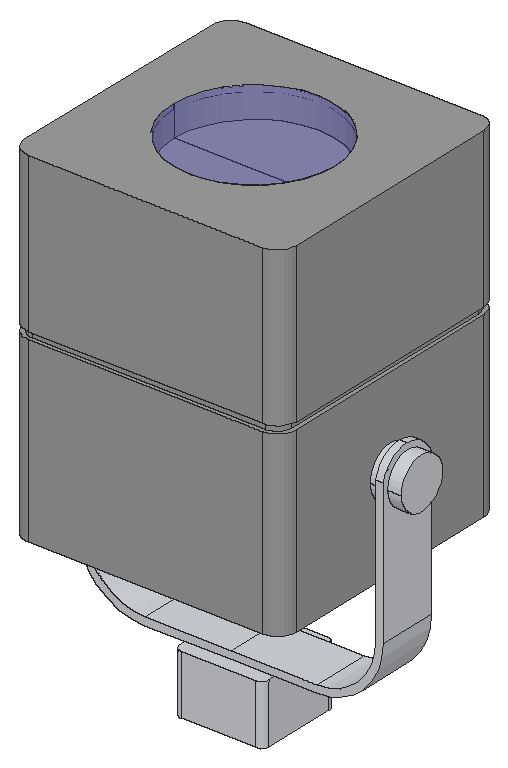
Revit family "Alcon-13112-Revit-Family", category Generic Models, host Face, Revit 2025
Family settings
  Host = Face
  Can host rebar = No
  Round Connector Dimension = Use Diameter
  Part Type = Normal
  Cut with Voids When Loaded = No
  Maintain Annotation Orientation = No
  Shared = No
  Room Calculation Point = No
Parameters
  URL = "https://www.alconlighting.com/?srsltid=AfmBOooDPhGQ0dEP-X2PMtxFfvvWpIAEL4jCll_O2F4_to5onvhnBomy"
  Product Page URL = "https://www.alconlighting.com/13112-bella.html"
  Model = "13112"
  Manufacturer = "ALCON Lighter"
  Fixture Rotation = 90.00°
  Default Elevation = 4' - 0"
Reference planes (in)
  plane 1 "Center (Front/Back)": y = 0
  plane 2: z = 0
  plane 3 "Center (Left/Right)": x = 0
  plane 4: z = 2.21166
Forms (in)
  Extrusion 1, solid
    sketch origin (0, 0.03835, 2.21166) x (1, 0, 0) y (0, 0, -1)
      loop
        line (0, 1.64916) -> (0.72361, 1.64916)
        arc (0.72361, 1.64916) -> (1.07716, 1.50272) -> (1.22361, 1.14916) r 0.5
        line (1.22361, 1.14916) -> (1.22361, -0.29381) -> (1.28611, -0.29381) -> (1.28611, 1.14824)
        arc (1.28611, 1.14824) -> (1.12109, 1.54664) -> (0.72269, 1.71166) r 0.56342
        line (0.72269, 1.71166) -> (0, 1.71166) -> (-0.72219, 1.71166)
        arc (-0.72219, 1.71166) -> (-1.12059, 1.54664) -> (-1.28561, 1.14824) r 0.56342
        line (-1.28561, 1.14824) -> (-1.28561, -0.29381) -> (-1.22311, -0.29381) -> (-1.22311, 1.14916)
        arc (-1.22311, 1.14916) -> (-1.07666, 1.50272) -> (-0.72311, 1.64916) r 0.5
        line (-0.72311, 1.64916) -> (0, 1.64916)
    from -0.28835 to 0.21165
  Extrusion 2, solid
    sketch origin (0, 0, 0.5) x (-1, 0, 0) y (0, 1, 0)
      loop
        arc (-0.375, -0.3125) -> (-0.35669, -0.35669) -> (-0.3125, -0.375) r 0.0625
        line (-0.3125, -0.375) -> (0.3125, -0.375)
        arc (0.3125, -0.375) -> (0.35669, -0.35669) -> (0.375, -0.3125) r 0.0625
        line (0.375, -0.3125) -> (0.375, 0.3125)
        arc (0.375, 0.3125) -> (0.35669, 0.35669) -> (0.3125, 0.375) r 0.0625
        line (0.3125, 0.375) -> (-0.3125, 0.375)
        arc (-0.3125, 0.375) -> (-0.35669, 0.35669) -> (-0.375, 0.3125) r 0.0625
        line (-0.375, 0.3125) -> (-0.375, -0.3125)
    from 0 to 0.5
  Extrusion 3, void
    sketch origin (0, 0, 0) x (0, 1, 0) y (0, 0, 1)
      loop
        line (-0.32875, 2.54598) -> (-0.32875, 0.32939) -> (-0.26003, 0.32939) -> (-0.26003, 2.21166)
        arc (-0.26003, 2.21166) -> (-0.18387, 2.39553) -> (0, 2.47169) r 0.26003
        arc (0, 2.47169) -> (0.18387, 2.39553) -> (0.26003, 2.21166) r 0.26003
        line (0.26003, 2.21166) -> (0.26003, 0.32939) -> (0.35969, 0.32939) -> (0.35969, 2.54598) -> (-0.32875, 2.54598)
    from -6.21513 to 12
Cuts and joins
  Extrusion 3 cuts Extrusion 1
Dimensions and locks (in)
  "Fixture Rotation": angle nested 1 to plane 4
  aligned and locked: plane 2 to host face
  aligned and locked: level to host face
Automatic sketch dimensions
  host sketch curve to host sketch curve = 8' - 0"  (x2)
  Extrusion 1 sketch curve to plane 3 "Center (Left/Right)" = 0' - 0"  (x2)
  Extrusion 1 sketch curve to plane 3 "Center (Left/Right)" = 0' - 0.72219"
  Extrusion 1 sketch curve to Extrusion 1 sketch curve = 0' - 0.00092"  (x3)
  Extrusion 1 sketch curve to Extrusion 1 sketch curve = 0' - 0 1/2"
  Extrusion 1 sketch curve to Extrusion 1 sketch curve = 0' - 0 1/16"  (x2)
  plane 3 "Center (Left/Right)" to Extrusion 1 sketch curve = 0' - 0.72269"
  Extrusion 1 sketch curve to plane 4 = 0' - 0.29381"  (x2)
  plane 3 "Center (Left/Right)" to Extrusion 1 sketch curve = 0' - 1.22361"
  level to Extrusion 1 sketch curve = 0' - 1.06342"
  plane 3 "Center (Left/Right)" to Extrusion 2 sketch curve = 0' - 0 3/8"
  Extrusion 2 sketch curve to Extrusion 2 sketch curve = 0' - 0 1/16"  (x3)
  Extrusion 2 sketch curve to plane 3 "Center (Left/Right)" = 0' - 0 5/16"  (x2)
  Extrusion 2 sketch curve to plane 1 "Center (Front/Back)" = 0' - 0 3/8"
  plane 1 "Center (Front/Back)" to Extrusion 2 sketch curve = 0' - 0 5/16"
  Extrusion 3 sketch curve to Extrusion 3 sketch curve = 0' - 0"  (x2)
  plane 4 to Extrusion 3 sketch curve = 0' - 0"
  Extrusion 3 sketch curve to plane 1 "Center (Front/Back)" = 0' - 0"
  Extrusion 3 sketch curve to Extrusion 3 sketch curve = 0' - 0.26003"
  plane 1 "Center (Front/Back)" to Extrusion 3 sketch curve = 0' - 0.32875"
  Extrusion 3 sketch curve to Extrusion 3 sketch curve = 0' - 0.09966"
  level to Extrusion 3 sketch curve = 0' - 0.32939"  (x2)
  Extrusion 3 sketch curve to plane 4 = 0' - 0.33432"
Nested families (in)
  nested 1: "Alcon - 13112 Cylinder" at (0, 0, 2.21166) x (0, 0, -1) z (-1, 0, 0), type "Alcon - 13112 Cylinder"
    with built-in parameter 1001306 0.20833 (stored number, unit not read)
Definition of nested family "Alcon - 13112 Cylinder"
  Parameters (values of type "Alcon - 13112 Cylinder")
    Wattage = 9.2903 W
    built-in parameter 1150110 = 1 (stored number, unit not read)
    built-in parameter 1114217 = 1 (stored number, unit not read)
    Tilt Angle = 60.00°
    built-in parameter 1150109 = 1 (stored number, unit not read)
    built-in parameter 1150134 = 3
    built-in parameter 1150113 = 1 (stored number, unit not read)
    built-in parameter 1010507 = 1.5708 (stored number, unit not read)
    built-in parameter 1010506 = 0.5236 (stored number, unit not read)
    built-in parameter 1150105 = 4614.1 (stored number, unit not read)
    Lumens = 1380 lm
    built-in parameter 1150115 = 1 (stored number, unit not read)
    Light Source Symbol Length = 10' - 0"
    built-in parameter 1150137 = (empty or 0)
    built-in parameter 1150139 = (empty or 0)
    built-in parameter 1001306 [instance] = 4' - 0"
    built-in parameter 1150112 = 1 (stored number, unit not read)
    built-in parameter 1150114 = 1 (stored number, unit not read)
    built-in parameter 1150132 = (empty or 0)
    built-in parameter 1150102 = (empty or 0)
    built-in parameter 1150107 = 3200 (stored number, unit not read)
    built-in parameter 1150138 = (empty or 0)
    built-in parameter 1150106 = 46.141 (stored number, unit not read)
    Glass = none
    built-in parameter 1150104 = 13.8 (stored number, unit not read)
    Dimming Lamp Color Temperature Shift = (empty or 0)
    Default Elevation = 0' - 0"
    Color Filter = 16777215
    Body = none
    built-in parameter 1114218 = 1 (stored number, unit not read)
    built-in parameter 1150133 = 10 (stored number, unit not read)
  Reference planes (in)
    plane 1 "Center (Front/Back)": y = 0
    plane 2: z = 0
    plane 3 "Left": x = 0
    plane 4 "Right": x = 48
  Forms (in)
    Extrusion 1, solid, material <- "Body"
      sketch origin (0, 0, 0) x (0, 1, 0) y (0, 0, 1)
        loop
          arc (-1.13941, -0.98375) -> (-1.09365, -1.09424) -> (-0.98316, -1.14) r 0.15625
          line (-0.98316, -1.14) -> (0.98316, -1.14)
          arc (0.98316, -1.14) -> (1.09448, -1.09389) -> (1.14059, -0.98257) r 0.15743
          line (1.14059, -0.98257) -> (1.14059, 0.98336)
          arc (1.14059, 0.98336) -> (1.09471, 1.09412) -> (0.98395, 1.14) r 0.15664
          line (0.98395, 1.14) -> (-0.98316, 1.14)
          arc (-0.98316, 1.14) -> (-1.09365, 1.09424) -> (-1.13941, 0.98375) r 0.15625
          line (-1.13941, 0.98375) -> (-1.13941, -0.98375)
      from -2.12565 to 0.78435
    Revolve 2, void
      sketch origin (0.65846, 0, 0) x (0, 0, 1) y (-1, 0, 0)
        loop
          line (0, 3.44913) -> (-1.11575, 3.44913) -> (-1.11575, 2.91) -> (-1.03774, 2.91) -> (-1.03774, 2.78411) -> (-0.67735, 2.78411) -> (-0.67735, 2.52383) -> (0, 2.52383) -> (0, 3.44913)
        axis (0, 3.44913) -> (0, 2.52383)
      angle from 0 to 360
    Extrusion 3, void
      sketch origin (0.65846, 0, 0) x (0, 0, 1) y (0, 1, 0)
        loop
          line (0.98336, 1.14059) -> (-0.98257, 1.14059)
          arc (-0.98257, 1.14059) -> (-1.09389, 1.09448) -> (-1.14, 0.98316) r 0.15743
          line (-1.14, 0.98316) -> (-1.14, -0.98316)
          arc (-1.14, -0.98316) -> (-1.09424, -1.09365) -> (-0.98375, -1.13941) r 0.15625
          line (-0.98375, -1.13941) -> (0.98375, -1.13941)
          arc (0.98375, -1.13941) -> (1.09424, -1.09365) -> (1.14, -0.98316) r 0.15625
          line (1.14, -0.98316) -> (1.14, 0.98395)
          arc (1.14, 0.98395) -> (1.09412, 1.09471) -> (0.98336, 1.14059) r 0.15664
        loop
          line (0.98336, 1.10283) -> (-0.98257, 1.10283)
          arc (-0.98257, 1.10283) -> (-1.06719, 1.06778) -> (-1.10224, 0.98316) r 0.11967
          line (-1.10224, 0.98316) -> (-1.10224, -0.98316)
          arc (-1.10224, -0.98316) -> (-1.06753, -1.06695) -> (-0.98375, -1.10165) r 0.11849
          line (-0.98375, -1.10165) -> (0.98375, -1.10165)
          arc (0.98375, -1.10165) -> (1.06753, -1.06695) -> (1.10224, -0.98316) r 0.11849
          line (1.10224, -0.98316) -> (1.10224, 0.98395)
          arc (1.10224, 0.98395) -> (1.06742, 1.06801) -> (0.98336, 1.10283) r 0.11888
      from 1.39675 to 1.45978
    Extrusion 4, solid, material <- "Glass"
      sketch origin (0.65846, 0, 0) x (0, 0, 1) y (0, 1, 0)
        loop
          circle (0, 0) r 0.67735
      from 2.73422 to 2.78411
    Extrusion 5, solid
      sketch origin (0.65846, 0, -0.00033) x (0, -1, -0.000214) y (-1, 0, 0)
        loop
          circle (0, 0.65846) r 0.2124
      from -1.40932 to 1.40899
  Cuts and joins
    Revolve 2, Extrusion 3 cuts Extrusion 1
  Lines and regions (in)
    reference lines
      curve 1: line (0, 0, 0) -> (48, 0, 0)
    model lines
      curve 2: line (0.65846, 0, 0) -> (-6.77532, 0, 0)
  Dimensions and locks (in)
    "built-in parameter 1001306": plane 3 "Left" to plane 4 "Right"
    aligned and locked: plane 4 "Right" to curve 1
    aligned and locked: plane 1 "Center (Front/Back)" to curve 1
    aligned and locked: plane 3 "Left" to curve 1
    aligned and locked: level to plane 2
  Automatic sketch dimensions
    Revolve 2 sketch curve to level = 0' - 0"  (x2)
    Revolve 2 sketch curve to level = 0' - 0.67735"
    Revolve 2 sketch curve to Revolve 2 sketch curve = 0' - 0.36038"
    Revolve 2 sketch curve to Revolve 2 sketch curve = 0' - 0.07801"
    Revolve 2 sketch curve to plane 3 "Left" = 0' - 1.86537"
    Revolve 2 sketch curve to Revolve 2 sketch curve = 0' - 0.26028"
    Revolve 2 sketch curve to Revolve 2 sketch curve = 0' - 0.12589"
    Revolve 2 sketch curve to Revolve 2 sketch curve = 0' - 0.9253"
    plane 3 "Left" to Revolve 2 sketch curve = 2' - 0.65846"
    Revolve 2 sketch curve to Revolve 2 sketch curve = 8' - 3.26969"
    Extrusion 3 sketch curve to Extrusion 3 sketch curve = 0' - 0"  (x8)
    Extrusion 3 sketch curve to level = 0' - 1.14"
    Extrusion 3 sketch curve to Extrusion 3 sketch curve = 0' - 0.03776"
    Extrusion 3 sketch curve to Extrusion 3 sketch curve = 0' - 0.11849"
    Extrusion 3 sketch curve to Extrusion 3 sketch curve = 0' - 0.11967"
    level to Extrusion 3 sketch curve = 0' - 0.98336"
    level to Extrusion 3 sketch curve = 0' - 0.98375"
    Extrusion 3 sketch curve to Extrusion 3 sketch curve = 0' - 0.11888"
    plane 1 "Center (Front/Back)" to Extrusion 3 sketch curve = 0' - 1.13941"
    Extrusion 3 sketch curve to plane 1 "Center (Front/Back)" = 0' - 0.98316"
    Extrusion 4 sketch curve to Extrusion 4 sketch curve = 0' - 0"  (x2)
    Extrusion 4 sketch curve to plane 1 "Center (Front/Back)" = 0' - 0"
    Extrusion 4 sketch curve to level = 0' - 0"
    Extrusion 4 sketch curve to Extrusion 4 sketch curve = 0' - 0.67735"
    plane 1 "Center (Front/Back)" to Extrusion 1 sketch curve = 0' - 1.13941"
    Extrusion 1 sketch curve to Extrusion 1 sketch curve = 0' - 0 5/32"  (x2)
    Extrusion 1 sketch curve to plane 1 "Center (Front/Back)" = 0' - 0.98316"
    Extrusion 1 sketch curve to plane 1 "Center (Front/Back)" = 0' - 0.98395"
    Extrusion 1 sketch curve to Extrusion 1 sketch curve = 0' - 0.15743"
    Extrusion 1 sketch curve to level = 0' - 1.14"
    level to Extrusion 1 sketch curve = 0' - 0.98336"
    curve 2 to level = 0' - 0"
    curve 2 to plane 3 "Left" = 0' - 6.77532"
    plane 3 "Left" to curve 2 = 0' - 0.65846"
    Extrusion 5 sketch curve to plane 3 "Left" = 0' - 0"
    radius of Extrusion 5 sketch curve = 0' - 0.2124"
